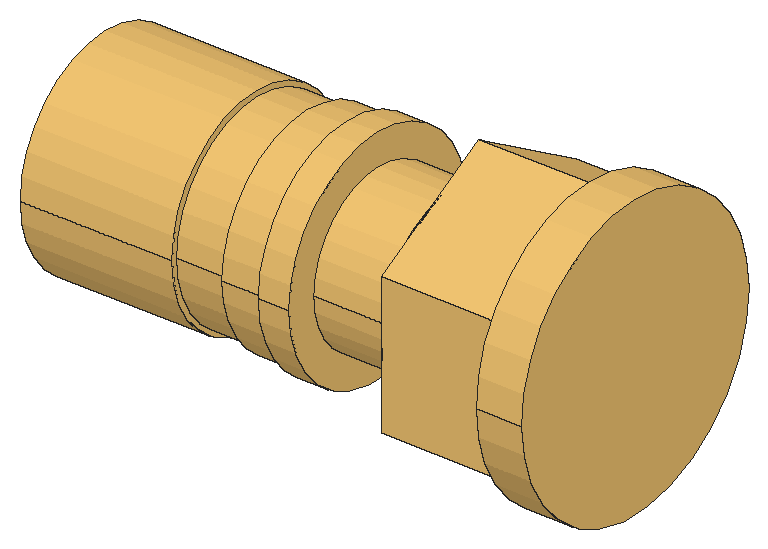
Revit family "VTm.402.BG", category Соединительные детали трубопроводов, Revit 2019
Family settings
  Размер круглого соединителя = Использовать диаметр
  Тип детали = Переход
  На основе рабочей плоскости = Нет
  Всегда вертикально = Да
  При загрузке вырезать с полостями = Нет
  Общий = Нет
Parameters
  Таблица = "VTm.402.BG"
  Описание = "фитинг надвижной с переходом на внутреннюю резьбу"  # constant formula
  Изготовитель = "VALTEC"  # constant formula
  Группа модели = "Аксиальные фитинги универсальные"  # constant formula
  msg [instance] = size_lookup(Таблица, "msg", 0 mm, Du1, Du2)  # 25 mm
  msf [instance] = size_lookup(Таблица, "msf", 0 mm, Du1, Du2)  # 57 mm
  g3 [instance] = size_lookup(Таблица, "g3", 0 mm, Du1, Du2)  # 24 mm
  g2 [instance] = d1 + 1 mm  # 22 mm
  g1 [instance] = d1 - 1 mm  # 20 mm
  dn [instance] = size_lookup(Таблица, "dn", 0 mm, Du1, Du2)  # 19 mm
  d3 [instance] = size_lookup(Таблица, "d3", 0 mm, Du1, Du2)  # 28 mm
  d2 [instance] = size_lookup(Таблица, "d2", 0 mm, Du1, Du2)  # 16 mm
  d1 [instance] = size_lookup(Таблица, "d1", 0 mm, Du1, Du2)  # 21 mm
  a [instance] = size_lookup(Таблица, "a", 0 mm, Du1, Du2)  # 24 mm
  URL = "https://valtec.ru/"
  L3 [instance] = size_lookup(Таблица, "L3", 0 mm, Du1, Du2)  # 11 mm
  L2 [instance] = size_lookup(Таблица, "L2", 0 mm, Du1, Du2)  # 3 mm
  L1 [instance] = size_lookup(Таблица, "L1", 0 mm, Du1, Du2)  # 24 mm
  Du2 [instance] = 15 mm
  Du1 [instance] = 16 mm
  ADSK_Позиция [instance] = ""
  ADSK_Обозначение = "VTm.402.BG"  # constant formula
  ADSK_Наименование [instance] = size_lookup(Таблица, "", "Данный типоразмер отсутствует", Du1, Du2)  # "Фитинг аксиальный универсальный – фитинг надвижной с переходом на внутреннюю резьбу 16 (2,2) мм х 0.4"
  ADSK_Материал [instance] = Латунь -CW614N
  ADSK_Масса_фитинга [instance] = msf / 1000 mm  # 0.057
  ADSK_Масса_гильзы [instance] = msg / 1000 mm  # 0.025
  ADSK_Код изделия - фитинг [instance] = size_lookup(Таблица, "Код продукта", "Данный типоразмер отсутствует", Du1, Du2)  # "VTm.402.BG.001604"
  ADSK_Код изделия - гильза [instance] = size_lookup(Таблица, "Код гильза", "Данный типоразмер отсутствует", Du1, Du2)  # "VTm.400.BG.001622"
  ADSK_Завод-изготовитель [instance] = Изготовитель  # "VALTEC"
  ADSK_Единица измерения [instance] = "шт."  # constant formula
  ADSK_URL страницы изделия [instance] = "https://valtec.ru/catalog/sistemy_metallopolimernyh_i_polimernyh_truboprovodov/aksialnye_fitingi_universalnye/fiting_aksialnyj_universalnyj__fiting_nadvijnoj_s_perehodom_na_vnutrennyuyu_rezbu.html"
  ADSK_URL документации изделия [instance] = "https://valtec.ru/document/technical/VTm.400.BG-0321.pdf"
Reference planes
  plane 1 "По центру (Вперед/Назад)": y = 0
  plane 2: z = 0
  plane 3 "По центру (Влево/Вправо)": x = 0
  plane 4: x = 3
  plane 5: x = 14
  plane 6: x = 18.5
  plane 7: x = -7
  plane 8: x = -10
  plane 9: x = -14
  plane 10: x = -19
  plane 11: x = -34
  plane 12: through (0, 0, 0) normal (0, 0.5, -0.866)
  plane 13: through (0, 0, 0) normal (0, 0.5, 0.866)
  plane 14: through (0, 172.355, 113.365) normal (0, -0.5, 0.866)
  plane 15: through (0, 184.355, 92.581) normal (0, -0.5, 0.866)
  plane 16: through (0, -206.764, 105.519) normal (0, -0.5, -0.866)
  plane 17: through (0, -194.764, 126.304) normal (0, -0.5, -0.866)
  plane 18: y = 12
  plane 19: y = -12
Forms (mm)
  Extrusion 1, solid, material "Латунь -CW614N" <- "ADSK_Материал", detail levels fine
    sketch origin (0, 0, 0) x (0, 1, 0) y (0, 0, 1)
      loop
        line (0, 13.856) -> (-12, 6.928) -> (-12, -6.928) -> (0, -13.856) -> (12, -6.928) -> (12, 6.928) -> (0, 13.856)
    from 3 to 14
  Blend 2, solid, material "Латунь -CW614N" <- "ADSK_Материал", detail levels fine
    base sketch origin (0, 0, 0) x (0, 1, 0) y (0, 0, 1)
      loop
        circle (0, 0) r 8
    top sketch origin (0, 0, 0) x (0, 1, 0) y (0, 0, 1)
      loop
        circle (0, 0) r 12
    from 0 to 3
  Extrusion 3, solid, material "Латунь -CW614N" <- "ADSK_Материал", detail levels fine
    sketch origin (0, 0, 0) x (0, 1, 0) y (0, 0, 1)
      loop
        circle (0, 0) r 14
    from 14 to 18.5
  Extrusion 4, solid, material "Латунь -CW614N" <- "ADSK_Материал", detail levels fine
    sketch origin (0, 0, 0) x (0, 1, 0) y (0, 0, 1)
      loop
        circle (0, 0) r 8
    from -7 to 0
  Extrusion 5, solid, material "Латунь -CW614N" <- "ADSK_Материал", detail levels fine
    sketch origin (0, 0, 0) x (0, 1, 0) y (0, 0, 1)
      loop
        circle (0, 0) r 11
    from -10 to -7
  Extrusion 6, solid, material "Латунь -CW614N" <- "ADSK_Материал", detail levels fine
    sketch origin (0, 0, 0) x (0, 1, 0) y (0, 0, 1)
      loop
        circle (0, 0) r 10.5
    from -14 to -10
  Extrusion 7, solid, material "Латунь -CW614N" <- "ADSK_Материал", detail levels fine
    sketch origin (0, 0, 0) x (0, 1, 0) y (0, 0, 1)
      loop
        circle (0, 0) r 10
    from -19 to -14
  Extrusion 8, solid, material "Латунь -CW614N" <- "ADSK_Материал", detail levels fine
    sketch origin (0, 0, 0) x (0, 1, 0) y (0, 0, 1)
      loop
        circle (0, 0) r 10.5
    from -34 to -19
Dimensions and locks
  locked: plane 5 to plane 6 at 4.5
  "L3": plane 4 to plane 5
  "L2": plane 3 "По центру (Влево/Вправо)" to plane 4
  locked: plane 7 to plane 3 "По центру (Влево/Вправо)" at 7
  "L2": plane 8 to plane 7
  locked: plane 9 to plane 8 at 4
  locked: plane 10 to plane 9 at 5
  "L1": plane 11 to plane 8
  equal spacing: plane 18, plane 1 "По центру (Вперед/Назад)", plane 19
  "a": plane 18 to plane 19
  equal spacing: plane 16, plane 13, plane 17
  "a": plane 16 to plane 17
  equal spacing: plane 14, plane 12, plane 15
  "a": plane 14 to plane 15
  "d2": diameter of Blend 2 sketch curve
  "g3": diameter of Blend 2 sketch curve
  "d3": diameter of Extrusion 3 sketch curve
  "d2": diameter of Extrusion 4 sketch curve
  "g2": diameter of Extrusion 5 sketch curve
  "d1": diameter of Extrusion 6 sketch curve
  "g1": diameter of Extrusion 7 sketch curve
  "d1": diameter of Extrusion 8 sketch curve
  aligned and locked: level to plane 2
  aligned and locked: Extrusion 1 sketch curve to plane 17
  aligned and locked: plane 14 to Extrusion 1 sketch curve
  aligned and locked: plane 19 to Extrusion 1 sketch curve
  aligned and locked: plane 16 to Extrusion 1 sketch curve
  aligned and locked: Extrusion 1 sketch curve to plane 15
  aligned and locked: Extrusion 1 sketch curve to plane 18
  aligned and locked: Extrusion 1 to plane 4
  aligned and locked: plane 5 to Extrusion 1
  aligned and locked: Blend 2 to plane 3 "По центру (Влево/Вправо)"
  aligned and locked: plane 4 to Blend 2
  aligned and locked: Extrusion 3 to plane 5
  aligned and locked: plane 6 to Extrusion 3
  aligned and locked: plane 7 to Extrusion 4
  aligned and locked: plane 3 "По центру (Влево/Вправо)" to Extrusion 4
  aligned and locked: plane 8 to Extrusion 5
  aligned and locked: Extrusion 5 to plane 7
  aligned and locked: plane 9 to Extrusion 6
  aligned and locked: Extrusion 6 to plane 8
  aligned and locked: plane 10 to Extrusion 7
  aligned and locked: Extrusion 7 to plane 9
  aligned and locked: plane 11 to Extrusion 8
  aligned and locked: Extrusion 8 to plane 10
Automatic sketch dimensions
  Blend 2 sketch curve to level = 0 mm  (x2)
  Blend 2 sketch curve to plane 1 "По центру (Вперед/Назад)" = 0 mm  (x2)
  Extrusion 3 sketch curve to level = 0 mm
  Extrusion 3 sketch curve to plane 1 "По центру (Вперед/Назад)" = 0 mm
  Extrusion 4 sketch curve to level = 0 mm
  Extrusion 4 sketch curve to plane 1 "По центру (Вперед/Назад)" = 0 mm
  Extrusion 5 sketch curve to level = 0 mm
  Extrusion 5 sketch curve to plane 1 "По центру (Вперед/Назад)" = 0 mm
  Extrusion 6 sketch curve to level = 0 mm
  Extrusion 6 sketch curve to plane 1 "По центру (Вперед/Назад)" = 0 mm
  Extrusion 7 sketch curve to level = 0 mm
  Extrusion 7 sketch curve to plane 1 "По центру (Вперед/Назад)" = 0 mm
  Extrusion 8 sketch curve to level = 0 mm
  Extrusion 8 sketch curve to plane 1 "По центру (Вперед/Назад)" = 0 mm
Nested families
  nested 1: "условный вид" at (0, 0, 0), type "условный вид", detail levels coarse+medium
    with Ширина 15 mm, Длинна 20 mm
Connectors
  piping at (3, 0, 0), diameter 15, driven by "Du2"
    settings: on Extrusion 1, index 2, connector inside diameter 609.6 mm, connector length 0 mm, flow factor 0, pipe flow 0.0 L/s, pressure drop 0.0 Pa, fitting loss kfactor 0, connector angle 0.00°, fixture units 0, engagement length 0 mm, angle of deflection 0.00°, flow configuration 0, flow direction 0, fitting loss method 0, system type 28, joint type 0, gender type 0, connector reference index -1, connector utility 0, adjustable connector no, is connector primary yes, connector description ""
  piping at (-10, 0, 0), diameter 16, driven by "Du1"
    settings: on Extrusion 6, index 3, connector inside diameter 609.6 mm, connector length 0 mm, flow factor 0, pipe flow 0.0 L/s, pressure drop 0.0 Pa, fitting loss kfactor 0, connector angle 0.00°, fixture units 0, engagement length 0 mm, angle of deflection 0.00°, flow configuration 0, flow direction 0, fitting loss method 0, system type 7, joint type 0, gender type 0, connector reference index -1, connector utility 0, adjustable connector no, is connector primary no, connector description ""
Definition of nested family "условный вид"
  Parameters (values of type "условный вид")
    Ширина [instance] = 15 mm
    Длинна [instance] = 20 mm
  Reference planes
    plane 1: y = 0
    plane 2: x = 0
  Lines and regions (mm)
    Filled region 1, type "Цветовая область 1"
      outline origin (0, 0, 0) x (1, 0, 0) y (0, 1, 0)
        loop
          line (9.996, -0.013) -> (-10, 9.311) -> (-10, -9.337) -> (9.996, -0.013)
    Filled region 2, type "Цветовая область 1"
      outline origin (0, 0, 0) x (1, 0, 0) y (0, 1, 0)
        loop
          line (9.996, -0.013) -> (-10, 9.311) -> (-10, -9.337) -> (9.996, -0.013)
    reference lines
      curve 1: line (-10, 12.871, 0) -> (-10, -9.337, 0)
      curve 2: line (10, 15.001, 0) -> (10, -15.037, 0)
      curve 4: line (-10, 9.311, 0) -> (10, -0.015, 0)
      curve 5: line (10, -0.012, 0) -> (-10, -9.337, 0)
    detail lines
      curve 3: line (-10, 9.311, 0) -> (-10, -9.337, 0)
      curve 6: line (9.996, -0.013, 0) -> (-10, 9.311, 0)
      curve 7: line (9.996, -0.013, 0) -> (-10, -9.337, 0)
  Dimensions and locks
    equal spacing: curve 1, plane 2, curve 2
    "Длинна": curve 1 to curve 2
    aligned and locked: curve 5 to curve 7
    aligned and locked: curve 6 to curve 4
    aligned and locked: Filled region 1 sketch curve to curve 6
    aligned and locked: Filled region 1 sketch curve to curve 7
    aligned and locked: Filled region 1 sketch curve to curve 3
    aligned and locked: Filled region 2 sketch curve to curve 6
    aligned and locked: Filled region 2 sketch curve to curve 7
    aligned and locked: Filled region 2 sketch curve to curve 3
  Automatic sketch dimensions
    curve 6 to plane 1 = 9.311 mm
    plane 1 to curve 5 = 9.337 mm
    plane 1 to curve 2 = 15.037 mm
    plane 1 to curve 4 = 0.015 mm
    curve 4 to curve 5 = 0.003 mm
    curve 4 to plane 1 = 9.311 mm
    curve 4 to curve 1 = 3.56 mm
    curve 2 to plane 1 = 15.001 mm
